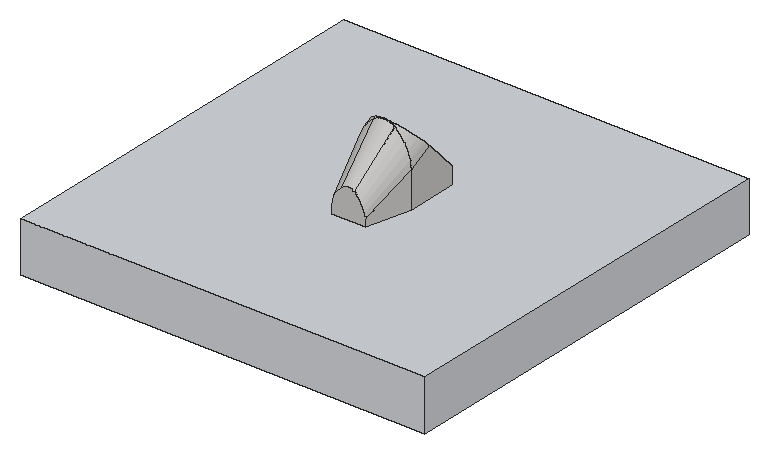
Revit family
Parameters (values of type "2158-T-1")
  Waste Connection = yes
  WFU = 0
  Voltage = 0
  Vent Connection = no
  URL = "http://www.acorneng.com/"
  Type Comments = ""
  Tempered Water Connection = no
  T - Top (Exposed) = yes
  Revised Date = "25/10/2013"
  Phone# = "626-336-4561"
  Model = "2158-T-1"
  Material = Stainless Steel
  Manufacturer = "Acorn Engineering"
  HWFU = 0
  HW Connection = no
  HP- High Polish Finish = no
  FVL - Flush Valve, ADA Lever Handle = no
  FVBO - Flush Valve by Others = no
  FV- Flush Valve, Mechanical, 0.5 GPF (N/A for ADA) = no
  EG- Enviro-Glaze (Interior and Exterior) = no
  Designed By = "Allied Technical Services"
  Description = "ADA Compliant High Efficiency Urinal"
  Default Elevation = 20"
  CWFU = 0
  CW Connection = yes
  Assembly Code = "D2010210"
  Amperage = 0
  1 - Off-Floor, Wall Outlet = yes
  .5 GPF = no
  .125 GPF (By Others) = no
Reference planes (in)
  plane 1 "Center (Front/Back)": y = 0
  plane 2: z = 0
  plane 3 "Center (Left/Right)": x = 0
  plane 4: y = -20
  plane 5: y = 11.875
  plane 6: x = -6.5
  plane 7: x = -4
  plane 8: x = 6.5
  plane 9: x = 4
  plane 10: y = -10.625
  plane 11: z = 17
  plane 12: y = -5
Forms (in)
  Extrusion 1, solid
    sketch origin (0, 0, 0) x (1, 0, 0) y (0, 1, 0)
      loop
        line (-48, 48) -> (-48, -48) -> (48, -48) -> (48, 48) -> (-48, 48)
    from 0 to -12
  Blend 2, solid, material "Stainless Steel" <- "Material"
    base sketch origin (0, -20, 0) x (0, 0, 1) y (1, 0, 0)
      loop
        line (0, 6.5) -> (0, -6.5) -> (8.46091, -6.5)
        arc (8.46091, -6.5) -> (12.76872, -5.28283) -> (16.1867, -2.39212) r 10.57229
        arc (16.1867, -2.39212) -> (17, 0) -> (16.1867, 2.39212) r 3.92457
        arc (16.1867, 2.39212) -> (12.76872, 5.28283) -> (8.46091, 6.5) r 10.57229
        line (8.46091, 6.5) -> (0, 6.5)
    top sketch origin (0, -20, 0) x (0, 0, 1) y (1, 0, 0)
      loop
        line (0, 4) -> (0, -4) -> (1.78508, -4)
        arc (1.78508, -4) -> (4.43604, -3.25097) -> (6.53941, -1.47208) r 6.50603
        arc (6.53941, -1.47208) -> (7.03991, 0) -> (6.53941, 1.47208) r 2.41512
        arc (6.53941, 1.47208) -> (4.43604, 3.25097) -> (1.78508, 4) r 6.50603
        line (1.78508, 4) -> (0, 4)
    from 20 to 9.375
  Blend 3, solid, material "Stainless Steel" <- "Material"
    base sketch origin (0, 0, 0) x (0, 0, 1) y (1, 0, 0)
      loop
        line (0, 6.5) -> (0, -6.5) -> (8.46091, -6.5)
        arc (8.46091, -6.5) -> (12.76872, -5.28283) -> (16.1867, -2.39212) r 10.57229
        arc (16.1867, -2.39212) -> (17, 0) -> (16.1867, 2.39212) r 3.92457
        arc (16.1867, 2.39212) -> (12.76872, 5.28283) -> (8.46091, 6.5) r 10.57229
        line (8.46091, 6.5) -> (0, 6.5)
    top sketch origin (0, 0, 0) x (0, 0, 1) y (1, 0, 0)
      loop
        line (0, 6.5) -> (0, -6.5) -> (14.02106, -6.5)
        arc (14.02106, -6.5) -> (18.32888, -5.28283) -> (21.74685, -2.39212) r 10.57229
        arc (21.74685, -2.39212) -> (22.56015, 0) -> (21.74685, 2.39212) r 3.92457
        arc (21.74685, 2.39212) -> (18.32888, 5.28283) -> (14.02106, 6.5) r 10.57229
        line (14.02106, 6.5) -> (0, 6.5)
    from 0 to 11.875
  Extrusion 4, void
    sketch origin (0, -19.75, 0.25) x (0, 0, 1) y (0, 1, 0)
      loop
        line (3.75, 31.63608) -> (17.49733, 19.0667) -> (26.60984, 19.0667) -> (26.13479, 32.67046) -> (3.75, 32.67046) -> (3.75, 31.63608)
    from -6.5 to 6.5
  Revolve 5, void
    sketch origin (-0.02063, 11.86019, 4.40247) x (0, -0.67559, 0.737277) y (1, 0, 0)
      loop
        line (17.35484, 0.02063) -> (1.80083, 0.02063)
        arc (1.80083, 0.02063) -> (1.83965, -0.89165) -> (1.95949, -1.79687) r 10.25305
        arc (1.95949, -1.79687) -> (3.38167, -4.52343) -> (6.10824, -5.94562) r 5.12652
        arc (6.10824, -5.94562) -> (9.54898, -6.04285) -> (12.86861, -5.13279) r 11.67832
        arc (12.86861, -5.13279) -> (15.6866, -3.05653) -> (17.35484, 0.02063) r 8.03734
      axis (1.80083, 0.02063) -> (17.35484, 0.02063)
    angle from -3.232 to 180
  Revolve 6, solid
    sketch origin (0, -21.4034, 0) x (0, 0, -1) y (0, 1, 0)
      loop
        line (0, 16.4034) -> (0.11064, 16.4034) -> (0.11064, 17.1534) -> (0, 17.1534) -> (0, 16.4034)
      axis (0.11064, 16.4034) -> (0, 16.4034)
    angle from 0 to 360
  Revolve 7, solid, material "Stainless Steel" <- "Material"
    sketch origin (0, -20, 0) x (0, 0, -1) y (0, 1, 0)
      loop
        line (-1.5, 31.875) -> (-1.125, 31.875) -> (-1.125, 31.917) -> (-1.23697, 31.917) -> (-1.23697, 31.97581) -> (-1.3337, 31.97581) -> (-1.3337, 32.04949) -> (-1.5, 32.04949) -> (-1.5, 31.875)
      axis (-1.5, 32.04949) -> (-1.5, 31.875)
    angle from 0 to 360
Cuts and joins
  Extrusion 4, Revolve 5 cuts Blend 2
  Extrusion 4, Revolve 5 cuts Blend 3
  joined: Blend 2, Blend 3, Revolve 7
Lines and regions (in)
  model lines
    curve 1: line (0, -0.5966, 11.1493) -> (0, -4.0966, 11.1493)
    curve 2: arc (0, -4.0966, 11.1493) -> (0, -5.51985, 9.84743) -> (0, -4.34968, 8.31406) r 1.42891
    curve 3: arc (0, -4.34968, 8.31406) -> (0, -3.81354, 8.00501) -> (0, -3.5966, 7.42544) r 0.91527
    curve 4: line (0, -3.5966, 7.42544) -> (0, -3.5966, 0)
Dimensions and locks (in)
  plane 4 to plane 1 "Center (Front/Back)" to plane 5 = 20", 11 7/8"
  plane 5 to plane 10 = 22 1/2"
  plane 6 to plane 8 = 13"
  plane 7 to plane 9 = 8"
  plane 11 to plane 2 = 17"
  plane 4 to plane 12 = 15"
  aligned and locked: plane 2 to Extrusion 1
  aligned and locked: level to Extrusion 1
Connectors (in)
  piping at (0, -5, -0.11064)
    settings: on Revolve 6, index 3
